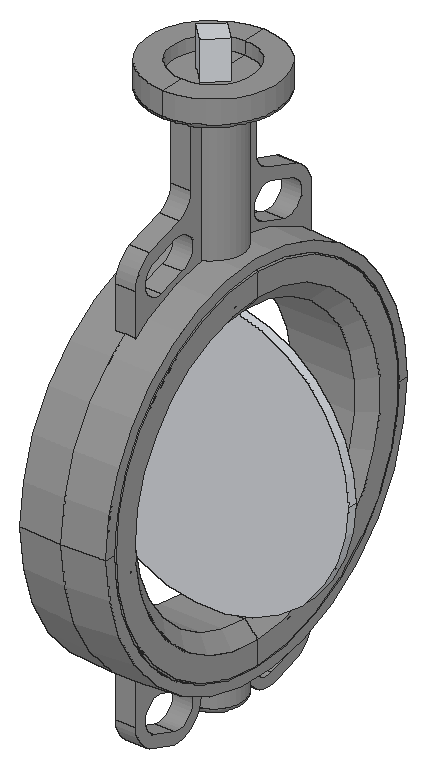
Revit family "HERZ Isolating Butterfly Valves ZF-4219", category Rohrzubehör, Revit 2018
Family settings
  Bemaßung runder Anschluss = Durchmesser verwenden
  Teiletyp = Unterbricht
  Arbeitsebenenbasiert = Nein
  Immer vertikal = Ja
  Beim Laden mit Abzugskörper schneiden = Nein
  Gemeinsam genutzt = Nein
Parameters
  Weight [instance] = size_lookup("4219_ZF", "M", 37.6, Nennweite)  # 16.6
  URL = "www.herzvalves.com"
  Spindle = "stainless steel ASTM-A276 / Type 316"  # constant formula
  Screws PN16 [instance] = if(Nennweite = 50 mm, "4x M16x100", if(Nennweite = 65 mm, "4x M16x100", if(Nennweite = 80 mm, "8x M16x100", if(Nennweite = 100 mm, "8x M16x110", if(Nennweite = 125 mm, "8x M16x120", if(Nennweite = 150 mm, "8x M20x120", if(Nennweite = 200 mm, "12x M20x130", if(Nennweite = 250 mm, "12x M24x140", "12x M24x160"))))))))  # "12x M20x130"
  Screws PN 6 [instance] = if(Nennweite = 50 mm, "4x M12x100", if(Nennweite = 65 mm, "4x M12x100", if(Nennweite = 80 mm, "4x M16x100", if(Nennweite = 100 mm, "4x M16x100", if(Nennweite = 125 mm, "8x M16x110", if(Nennweite = 150 mm, "8x M16x110", if(Nennweite = 200 mm, "--", if(Nennweite = 250 mm, "12x M16x130", "12xM16x140"))))))))  # "--"
  Screws PN10 [instance] = if(Nennweite = 50 mm, "4x M16x100", if(Nennweite = 65 mm, "4x M16x100", if(Nennweite = 80 mm, "4x M16x100", if(Nennweite = 100 mm, "4x M16x110", if(Nennweite = 125 mm, "8x M16x120", if(Nennweite = 150 mm, "8x M20x120", if(Nennweite = 200 mm, "8x M20x130", if(Nennweite = 250 mm, "12x M20x130", "12x M20x150"))))))))  # "8x M20x130"
  SCTWSEQ = "FW;SBT_TYP_FW=\"101\";2"
  SCTWCODE = "04;07;02"  # constant formula
  SCRNSEQ = "ARM;ARM_TYP=\"ALLF\";2"
  SCRNCODE = "05;13;02"  # constant formula
  R_Dichtung = 1.5 mm  # constant formula
  Part number [instance] = size_lookup("4219_ZF", "Artnr", 1421901, Nennweite)  # 1421927
  PN16 [instance] = or(Nennweite = 50 mm, Nennweite = 65 mm, Nennweite = 80 mm, Nennweite = 100 mm, Nennweite = 125 mm, Nennweite = 150 mm, Nennweite = 200 mm, Nennweite = 250 mm, Nennweite = 300 mm)  # yes
  PN10 [instance] = or(Nennweite = 50 mm, Nennweite = 65 mm, Nennweite = 80 mm, Nennweite = 100 mm, Nennweite = 125 mm, Nennweite = 150 mm, Nennweite = 200 mm, Nennweite = 250 mm, Nennweite = 300 mm)  # yes
  PN 6 [instance] = or(Nennweite = 50 mm, Nennweite = 65 mm, Nennweite = 80 mm, Nennweite = 100 mm, Nennweite = 125 mm, Nennweite = 150 mm, Nennweite = 250 mm, Nennweite = 300 mm)  # no
  PN = 16  # constant formula
  O-Ring = "EPDM according to ISO 1691"  # constant formula
  Nennweite [instance] = 200 mm
  Min. operating temperature = "-20.00 °C with appropriate water-glycol mixture"  # constant formula
  Medium = "Heating water quality according ÖNORM H5195 or VDI-Standard 2035. The use of ethylene or propylene glycol in a\nmixing ratio 25- 50% is allowed."
  Max. operating temperature = 110 °C  # constant formula
  LO1 [instance] = R05 + 10 mm  # 141 mm
  L16 [instance] = L01 - L13  # 236 mm
  L15 [instance] = L01 + L12  # 263 mm
  L14 [instance] = size_lookup("4219_ZF", "L_14", 44.4 mm, Nennweite)  # 61.5 mm
  L13 [instance] = size_lookup("4219_ZF", "L_13", 15 mm, Nennweite)  # 9 mm
  L12 [instance] = size_lookup("4219_ZF", "L_12", 15 mm, Nennweite)  # 18 mm
  L11 [instance] = size_lookup("4219_ZF", "L_11", 15 mm, Nennweite)  # 20 mm
  L10 [instance] = size_lookup("4219_ZF", "L_10", 16 mm, Nennweite)  # 16 mm
  L09 [instance] = size_lookup("4219_ZF", "L9", 29 mm, Nennweite)  # 44 mm
  L08 [instance] = size_lookup("4219_ZF", "L8", 43 mm, Nennweite)  # 60 mm
  L07 [instance] = size_lookup("4219_ZF", "L7", 3.5 mm, Nennweite)  # 4.5 mm
  L06 [instance] = size_lookup("4219_ZF", "L6", 18 mm, Nennweite)  # 32 mm
  L05 [instance] = size_lookup("4219_ZF", "L5", 35 mm, Nennweite)  # 50 mm
  L04 [instance] = size_lookup("4219_ZF", "L4", 35 mm, Nennweite)  # 17.5 mm
  L03 [instance] = size_lookup("4219_ZF", "L3", 35 mm, Nennweite)  # 152.5 mm
  L02 [instance] = size_lookup("4219_ZF", "L2", 35 mm, Nennweite)  # 109 mm
  L01 [instance] = size_lookup("4219_ZF", "L1", 35 mm, Nennweite)  # 245 mm
  Hersteller = "HERZ Armaturen Ges.m.b.H."  # constant formula
  H [instance] = size_lookup("4219_ZF", "H1", 9 mm, Nennweite)  # 17 mm
  Flange = "according to EN1092-2"  # constant formula
  Einbaudatum [instance] = ""
  Torque in Nm [instance] = size_lookup("4219_ZF", "NM", 350, Nennweite)  # 150
  Disc = "stainless steel 1.4408"  # constant formula
  DN300 [instance] = Nennweite = 300 mm  # no
  DN250 [instance] = Nennweite = 250 mm  # no
  DN200 [instance] = Nennweite = 200 mm  # yes
  DN150 [instance] = Nennweite = 150 mm  # no
  DN125 [instance] = Nennweite = 125 mm  # no
  DN100 [instance] = Nennweite = 100 mm  # no
  DN 80 [instance] = Nennweite = 80 mm  # no
  DN 65 [instance] = Nennweite = 65 mm  # no
  DN 50 [instance] = Nennweite = 50 mm  # no
  Chargennummer [instance] = ""
  Body sealing = "EPDM according to ISO 1691"  # constant formula
  Body = "GG, GJL-250/JL1040, according to EN1561"  # constant formula
  BD [instance] = size_lookup("4219_ZF", "DB", 24 mm, Nennweite)  # 193.6 mm
  D09 [instance] = size_lookup("4219_ZF", "D9", 24 mm, Nennweite)  # 96.5 mm
  D08 [instance] = size_lookup("4219_ZF", "D8", 47 mm, Nennweite)  # 14 mm
  D07 [instance] = size_lookup("4219_ZF", "D7", 47 mm, Nennweite)  # 27.5 mm
  D06 [instance] = size_lookup("4219_ZF", "D6", 47 mm, Nennweite)  # 44 mm
  R05 [instance] = size_lookup("4219_ZF", "D5", 47 mm, Nennweite)  # 131 mm
  D05 [instance] = R05 * 2  # 262 mm
  D04 [instance] = size_lookup("4219_ZF", "D4", 41 mm, Nennweite)  # 124 mm
  D03 [instance] = size_lookup("4219_ZF", "D3", 35.5 mm, Nennweite)  # 116.5 mm
  R01 [instance] = size_lookup("4219_ZF", "D1", 28 mm, Nennweite)  # 103.5 mm
  R02 [instance] = size_lookup("4219_ZF", "D2", 30 mm, Nennweite)  # 105.5 mm
  Application = "Suitable for fluids in building services, cold water systems, hot water saystems, etc."
Reference planes
  plane 1 "Mitte (Vorne/hinten)": y = 0
  plane 2: z = 0
  plane 3 "Mitte (Links/rechts)": x = 0
Forms (mm)
  Revolve 1, solid, material "Herz-Metall-blau", detail levels fine
    sketch origin (0, 0, 0) x (1, 0, 0) y (0, 1, 0)
      loop
        line (0, 132.724) -> (-30, 131) -> (-30, 124) -> (-22, 124) -> (-22, 116.5) -> (-23.5, 116.5)
        arc (-23.5, 116.5) -> (-24.561, 116.061) -> (-25, 115) r 1.5
        line (-25, 115) -> (-25, 105.824)
        arc (-25, 105.824) -> (-24.729, 104.964) -> (-24.013, 104.415) r 1.5
        line (-24.013, 104.415) -> (-20.5, 103.5) -> (-16, 103.5) -> (-16, 105.5) -> (16, 105.5) -> (16, 103.5) -> (20.5, 103.5) -> (24.013, 104.415)
        arc (24.013, 104.415) -> (24.729, 104.964) -> (25, 105.824) r 1.5
        line (25, 105.824) -> (25, 115)
        arc (25, 115) -> (24.561, 116.061) -> (23.5, 116.5) r 1.5
        line (23.5, 116.5) -> (22, 116.5) -> (22, 124) -> (30, 124) -> (30, 131) -> (0, 132.724)
      axis (30, 0) -> (-30, 0)
    angle from 0 to 360
  Extrusion 2, solid, material "Herz-Metall-blau", visible <- "DN 50", detail levels fine
    sketch origin (0, 0, 0) x (0, 1, 0) y (0, 0, 1)
      loop
        line (20, 54.051) -> (20.008, 111.113) -> (16.897, 110.952)
        arc (16.897, 110.952) -> (15.55, 110.331) -> (15, 108.954) r 2
        line (15, 108.954) -> (15, 44.542)
        arc (15, 44.542) -> (31.465, 34.913) -> (42.748, 19.534) r 47
        arc (42.748, 19.534) -> (42.633, 20.873) -> (43.392, 21.983) r 2
        line (43.392, 21.983) -> (54.714, 30.209)
        arc (54.714, 30.209) -> (56.569, 56.569) -> (30.209, 54.714) r 17.5
        line (30.209, 54.714) -> (27.87, 51.494)
        arc (27.87, 51.494) -> (23.006, 49.914) -> (20, 54.051) r 4.35
      loop
        arc (32.065, 41.998) -> (33.588, 33.588) -> (41.998, 32.065) r 7.5
        line (41.998, 32.065) -> (48.502, 35.17)
        arc (48.502, 35.17) -> (51.265, 51.265) -> (35.17, 48.502) r 10
        line (35.17, 48.502) -> (32.065, 41.998)
      loop
        arc (-20, 54.051) -> (-23.006, 49.914) -> (-27.87, 51.494) r 4.35
        line (-27.87, 51.494) -> (-30.209, 54.714)
        arc (-30.209, 54.714) -> (-56.569, 56.569) -> (-54.714, 30.209) r 17.5
        line (-54.714, 30.209) -> (-43.392, 21.983)
        arc (-43.392, 21.983) -> (-42.633, 20.873) -> (-42.748, 19.534) r 2
        arc (-42.748, 19.534) -> (-31.465, 34.913) -> (-15, 44.542) r 47
        line (-15, 44.542) -> (-15, 108.954)
        arc (-15, 108.954) -> (-15.55, 110.331) -> (-16.897, 110.952) r 2
        line (-16.897, 110.952) -> (-20.008, 111.113) -> (-20, 54.051)
      loop
        line (-32.065, 41.998) -> (-35.17, 48.502)
        arc (-35.17, 48.502) -> (-51.265, 51.265) -> (-48.502, 35.17) r 10
        line (-48.502, 35.17) -> (-41.998, 32.065)
        arc (-41.998, 32.065) -> (-33.588, 33.588) -> (-32.065, 41.998) r 7.5
      loop
        line (32.065, -41.998) -> (35.17, -48.502)
        arc (35.17, -48.502) -> (51.265, -51.265) -> (48.502, -35.17) r 10
        line (48.502, -35.17) -> (41.998, -32.065)
        arc (41.998, -32.065) -> (33.588, -33.588) -> (32.065, -41.998) r 7.5
      loop
        line (54.714, -30.209) -> (43.392, -21.983)
        arc (43.392, -21.983) -> (42.633, -20.873) -> (42.748, -19.534) r 2
        arc (42.748, -19.534) -> (33.234, -33.234) -> (19.534, -42.748) r 47
        arc (19.534, -42.748) -> (20.873, -42.633) -> (21.983, -43.392) r 2
        line (21.983, -43.392) -> (30.209, -54.714)
        arc (30.209, -54.714) -> (56.569, -56.569) -> (54.714, -30.209) r 17.5
      loop
        arc (-32.065, -41.998) -> (-33.588, -33.588) -> (-41.998, -32.065) r 7.5
        line (-41.998, -32.065) -> (-48.502, -35.17)
        arc (-48.502, -35.17) -> (-51.265, -51.265) -> (-35.17, -48.502) r 10
        line (-35.17, -48.502) -> (-32.065, -41.998)
      loop
        arc (-54.714, -30.209) -> (-56.569, -56.569) -> (-30.209, -54.714) r 17.5
        line (-30.209, -54.714) -> (-21.983, -43.392)
        arc (-21.983, -43.392) -> (-20.873, -42.633) -> (-19.534, -42.748) r 2
        arc (-19.534, -42.748) -> (-33.234, -33.234) -> (-42.748, -19.534) r 47
        arc (-42.748, -19.534) -> (-42.633, -20.873) -> (-43.392, -21.983) r 2
        line (-43.392, -21.983) -> (-54.714, -30.209)
    from -4.5 to 4.5
  Extrusion 3, solid, material "Herz-Metall-blau", visible <- "DN 65", detail levels fine
    sketch origin (0, 0, 0) x (0, 1, 0) y (0, 0, 1)
      loop
        arc (51.659, 21.619) -> (51.541, 22.778) -> (52.089, 23.805) r 2
        line (52.089, 23.805) -> (65.407, 37.123)
        arc (65.407, 37.123) -> (65.407, 65.407) -> (37.123, 65.407) r 20
        line (37.123, 65.407) -> (29.414, 57.699)
        arc (29.414, 57.699) -> (27.235, 57.265) -> (26, 59.113) r 2
        line (26, 59.113) -> (26, 136.154) -> (19.897, 135.838)
        arc (19.897, 135.838) -> (18.55, 135.218) -> (18, 133.841) r 2
        line (18, 133.841) -> (18, 53.028)
        arc (18, 53.028) -> (38.206, 40.942) -> (51.659, 21.619) r 56
      loop
        arc (55.637, 42.831) -> (57.983, 57.983) -> (42.831, 55.637) r 9.5
        line (42.831, 55.637) -> (39.647, 48.983)
        arc (39.647, 48.983) -> (41.012, 41.012) -> (48.983, 39.647) r 7
        line (48.983, 39.647) -> (55.637, 42.831)
      loop
        arc (51.659, -21.619) -> (39.598, -39.598) -> (21.619, -51.659) r 56
        arc (21.619, -51.659) -> (22.778, -51.541) -> (23.805, -52.089) r 2
        line (23.805, -52.089) -> (37.123, -65.407)
        arc (37.123, -65.407) -> (65.407, -65.407) -> (65.407, -37.123) r 20
        line (65.407, -37.123) -> (52.089, -23.805)
        arc (52.089, -23.805) -> (51.541, -22.778) -> (51.659, -21.619) r 2
      loop
        line (55.637, -42.831) -> (48.983, -39.647)
        arc (48.983, -39.647) -> (41.012, -41.012) -> (39.647, -48.983) r 7
        line (39.647, -48.983) -> (42.831, -55.637)
        arc (42.831, -55.637) -> (57.983, -57.983) -> (55.637, -42.831) r 9.5
      loop
        arc (-51.659, -21.619) -> (-51.541, -22.778) -> (-52.089, -23.805) r 2
        line (-52.089, -23.805) -> (-65.407, -37.123)
        arc (-65.407, -37.123) -> (-65.407, -65.407) -> (-37.123, -65.407) r 20
        line (-37.123, -65.407) -> (-23.805, -52.089)
        arc (-23.805, -52.089) -> (-22.778, -51.541) -> (-21.619, -51.659) r 2
        arc (-21.619, -51.659) -> (-39.598, -39.598) -> (-51.659, -21.619) r 56
      loop
        arc (-55.637, -42.831) -> (-57.983, -57.983) -> (-42.831, -55.637) r 9.5
        line (-42.831, -55.637) -> (-39.647, -48.983)
        arc (-39.647, -48.983) -> (-41.012, -41.012) -> (-48.983, -39.647) r 7
        line (-48.983, -39.647) -> (-55.637, -42.831)
      loop
        arc (-51.659, 21.619) -> (-38.206, 40.942) -> (-18, 53.028) r 56
        line (-18, 53.028) -> (-18, 133.838)
        arc (-18, 133.838) -> (-18.55, 135.215) -> (-19.897, 135.835) r 2
        line (-19.897, 135.835) -> (-26, 136.151) -> (-26, 59.113)
        arc (-26, 59.113) -> (-27.235, 57.265) -> (-29.414, 57.699) r 2
        line (-29.414, 57.699) -> (-37.123, 65.407)
        arc (-37.123, 65.407) -> (-65.407, 65.407) -> (-65.407, 37.123) r 20
        line (-65.407, 37.123) -> (-52.089, 23.805)
        arc (-52.089, 23.805) -> (-51.541, 22.778) -> (-51.659, 21.619) r 2
      loop
        line (-55.637, 42.831) -> (-48.983, 39.647)
        arc (-48.983, 39.647) -> (-41.012, 41.012) -> (-39.647, 48.983) r 7
        line (-39.647, 48.983) -> (-42.831, 55.637)
        arc (-42.831, 55.637) -> (-57.983, 57.983) -> (-55.637, 42.831) r 9.5
    from -4.5 to 4.5
  Extrusion 4, solid, material "Herz-Metall-blau", visible <- "DN 80", detail levels fine
    sketch origin (0, 0, 0) x (0, 1, 0) y (0, 0, 1)
      loop
        line (26, 143.161) -> (20.397, 142.871)
        arc (20.397, 142.871) -> (19.05, 142.251) -> (18.5, 140.874) r 2
        line (18.5, 140.874) -> (18.5, 62.833)
        arc (18.5, 62.833) -> (41.296, 50.842) -> (57.706, 30.989) r 65.5
        arc (57.706, 30.989) -> (57.482, 32.176) -> (57.983, 33.275) r 2
        line (57.983, 33.275) -> (67.23, 43.52)
        arc (67.23, 43.52) -> (70.328, 54.798) -> (65.407, 65.407) r 17
        line (65.407, 65.407) -> (42.005, 86.53)
        arc (42.005, 86.53) -> (37.832, 89.302) -> (33.031, 90.738) r 17
        arc (33.031, 90.738) -> (27.974, 93.895) -> (26, 99.52) r 9
        line (26, 99.52) -> (26, 143.161)
      loop
        circle (30.615, 73.91) r 9.5
      loop
        circle (53.387, 53.387) r 9.5
      loop
        arc (57.706, -30.989) -> (41.296, -50.842) -> (18.5, -62.833) r 65.5
        line (18.5, -62.833) -> (18.5, -85.837)
        arc (18.5, -85.837) -> (30.113, -90.903) -> (42.005, -86.53) r 17
        line (42.005, -86.53) -> (65.407, -65.407)
        arc (65.407, -65.407) -> (70.328, -54.798) -> (67.23, -43.52) r 17
        line (67.23, -43.52) -> (57.983, -33.275)
        arc (57.983, -33.275) -> (57.482, -32.176) -> (57.706, -30.989) r 2
      loop
        circle (30.615, -73.91) r 9.5
      loop
        circle (53.387, -53.387) r 9.5
      loop
        arc (-57.706, -30.989) -> (-57.482, -32.176) -> (-57.983, -33.275) r 2
        line (-57.983, -33.275) -> (-67.23, -43.52)
        arc (-67.23, -43.52) -> (-70.328, -54.798) -> (-65.407, -65.407) r 17
        line (-65.407, -65.407) -> (-42.005, -86.53)
        arc (-42.005, -86.53) -> (-30.113, -90.903) -> (-18.5, -85.837) r 17
        line (-18.5, -85.837) -> (-18.5, -62.833)
        arc (-18.5, -62.833) -> (-41.296, -50.842) -> (-57.706, -30.989) r 65.5
      loop
        circle (-30.615, -73.91) r 9.5
      loop
        circle (-53.387, -53.387) r 9.5
      loop
        line (-26, 143.179) -> (-26, 99.52)
        arc (-26, 99.52) -> (-27.974, 93.895) -> (-33.031, 90.738) r 9
        arc (-33.031, 90.738) -> (-37.832, 89.302) -> (-42.005, 86.53) r 17
        line (-42.005, 86.53) -> (-65.407, 65.407)
        arc (-65.407, 65.407) -> (-70.328, 54.798) -> (-67.23, 43.52) r 17
        line (-67.23, 43.52) -> (-57.983, 33.275)
        arc (-57.983, 33.275) -> (-57.482, 32.176) -> (-57.706, 30.989) r 2
        arc (-57.706, 30.989) -> (-41.296, 50.842) -> (-18.5, 62.833) r 65.5
        line (-18.5, 62.833) -> (-18.5, 140.891)
        arc (-18.5, 140.891) -> (-19.05, 142.268) -> (-20.397, 142.888) r 2
        line (-20.397, 142.888) -> (-26, 143.179)
      loop
        circle (-30.615, 73.91) r 9.5
      loop
        circle (-53.387, 53.387) r 9.5
    from -4.5 to 4.5
  Extrusion 5, solid, material "Herz-Metall-blau", visible <- "DN100", detail levels fine
    sketch origin (0, 0, 0) x (0, 1, 0) y (0, 0, 1)
      loop
        line (64.131, 38.887) -> (73.681, 49.873)
        arc (73.681, 49.873) -> (77.063, 61.29) -> (72.125, 72.125) r 17
        line (72.125, 72.125) -> (45.809, 95.79)
        arc (45.809, 95.79) -> (41.366, 98.675) -> (36.25, 100.053) r 17
        arc (36.25, 100.053) -> (28.882, 104.596) -> (26, 112.759) r 13
        line (26, 112.759) -> (26, 166.173) -> (20.397, 165.883)
        arc (20.397, 165.883) -> (19.05, 165.263) -> (18.5, 163.886) r 2
        line (18.5, 163.886) -> (18.5, 72.683)
        arc (18.5, 72.683) -> (44.637, 60.27) -> (64.131, 38.887) r 75
      loop
        circle (60.104, 60.104) r 9.5
      loop
        circle (34.442, 83.149) r 9.5
      loop
        arc (64.131, -38.887) -> (44.637, -60.27) -> (18.5, -72.683) r 75
        line (18.5, -72.683) -> (18.5, -95.329)
        arc (18.5, -95.329) -> (21.473, -95.603) -> (24.233, -96.743) r 10
        arc (24.233, -96.743) -> (35.191, -100.133) -> (45.809, -95.79) r 17
        line (45.809, -95.79) -> (72.125, -72.125)
        arc (72.125, -72.125) -> (77.063, -61.29) -> (73.681, -49.873) r 17
        line (73.681, -49.873) -> (64.131, -38.887)
      loop
        circle (60.104, -60.104) r 9.5
      loop
        circle (34.442, -83.149) r 9.5
      loop
        line (-64.131, -38.887) -> (-73.681, -49.873)
        arc (-73.681, -49.873) -> (-77.063, -61.29) -> (-72.125, -72.125) r 17
        line (-72.125, -72.125) -> (-45.809, -95.79)
        arc (-45.809, -95.79) -> (-35.191, -100.133) -> (-24.233, -96.743) r 17
        arc (-24.233, -96.743) -> (-21.473, -95.603) -> (-18.5, -95.329) r 10
        line (-18.5, -95.329) -> (-18.5, -72.683)
        arc (-18.5, -72.683) -> (-44.637, -60.27) -> (-64.131, -38.887) r 75
      loop
        circle (-60.104, -60.104) r 9.5
      loop
        circle (-34.442, -83.149) r 9.5
      loop
        arc (-64.131, 38.887) -> (-44.637, 60.27) -> (-18.5, 72.683) r 75
        line (-18.5, 72.683) -> (-18.5, 163.876)
        arc (-18.5, 163.876) -> (-19.05, 165.253) -> (-20.397, 165.873) r 2
        line (-20.397, 165.873) -> (-26, 166.164) -> (-26, 112.759)
        arc (-26, 112.759) -> (-28.882, 104.596) -> (-36.25, 100.053) r 13
        arc (-36.25, 100.053) -> (-41.366, 98.675) -> (-45.809, 95.79) r 17
        line (-45.809, 95.79) -> (-72.125, 72.125)
        arc (-72.125, 72.125) -> (-77.063, 61.29) -> (-73.681, 49.873) r 17
        line (-73.681, 49.873) -> (-64.131, 38.887)
      loop
        circle (-60.104, 60.104) r 9.5
      loop
        circle (-34.442, 83.149) r 9.5
    from -4.5 to 4.5
  Extrusion 6, solid, material "Herz-Metall-blau", visible <- "DN125", detail levels fine
    sketch origin (0, 0, 0) x (0, 1, 0) y (0, 0, 1)
      loop
        arc (75.229, 48.945) -> (74.917, 50.244) -> (75.492, 51.45) r 2
        line (75.492, 51.45) -> (82.731, 58.69)
        arc (82.731, 58.69) -> (87.711, 70.711) -> (82.731, 82.731) r 17
        line (82.731, 82.731) -> (51.291, 109.875)
        arc (51.291, 109.875) -> (46.108, 112.941) -> (40.182, 114.007) r 17
        line (40.182, 114.007) -> (38, 114.007)
        arc (38, 114.007) -> (29.515, 117.522) -> (26, 126.007) r 12
        line (26, 126.007) -> (26, 185.157) -> (20.397, 184.867)
        arc (20.397, 184.867) -> (19.05, 184.246) -> (18.5, 182.869) r 2
        line (18.5, 182.869) -> (18.5, 87.823)
        arc (18.5, 87.823) -> (50.736, 74.033) -> (75.229, 48.945) r 89.75
      loop
        circle (40.182, 97.007) r 9.5
      loop
        circle (70.711, 70.711) r 9.5
      loop
        arc (75.229, -48.945) -> (50.736, -74.033) -> (18.5, -87.823) r 89.75
        line (18.5, -87.823) -> (18.5, -108.431)
        arc (18.5, -108.431) -> (24.248, -107.655) -> (29.46, -110.2) r 10
        arc (29.46, -110.2) -> (40.434, -114.005) -> (51.291, -109.875) r 17
        line (51.291, -109.875) -> (82.731, -82.731)
        arc (82.731, -82.731) -> (87.711, -70.711) -> (82.731, -58.69) r 17
        line (82.731, -58.69) -> (75.492, -51.45)
        arc (75.492, -51.45) -> (74.917, -50.244) -> (75.229, -48.945) r 2
      loop
        circle (40.182, -97.007) r 9.5
      loop
        circle (70.711, -70.711) r 9.5
      loop
        arc (-75.229, -48.945) -> (-74.917, -50.244) -> (-75.492, -51.45) r 2
        line (-75.492, -51.45) -> (-82.731, -58.69)
        arc (-82.731, -58.69) -> (-87.711, -70.711) -> (-82.731, -82.731) r 17
        line (-82.731, -82.731) -> (-51.291, -109.875)
        arc (-51.291, -109.875) -> (-40.434, -114.005) -> (-29.46, -110.2) r 17
        arc (-29.46, -110.2) -> (-24.248, -107.655) -> (-18.5, -108.431) r 10
        line (-18.5, -108.431) -> (-18.5, -87.823)
        arc (-18.5, -87.823) -> (-50.736, -74.033) -> (-75.229, -48.945) r 89.75
      loop
        circle (-40.182, -97.007) r 9.5
      loop
        circle (-70.711, -70.711) r 9.5
      loop
        arc (-75.229, 48.945) -> (-50.736, 74.033) -> (-18.5, 87.823) r 89.75
        line (-18.5, 87.823) -> (-18.5, 182.852)
        arc (-18.5, 182.852) -> (-19.05, 184.23) -> (-20.397, 184.85) r 2
        line (-20.397, 184.85) -> (-26, 185.14) -> (-26, 126.007)
        arc (-26, 126.007) -> (-29.515, 117.522) -> (-38, 114.007) r 12
        line (-38, 114.007) -> (-40.182, 114.007)
        arc (-40.182, 114.007) -> (-46.108, 112.941) -> (-51.291, 109.875) r 17
        line (-51.291, 109.875) -> (-82.731, 82.731)
        arc (-82.731, 82.731) -> (-87.711, 70.711) -> (-82.731, 58.69) r 17
        line (-82.731, 58.69) -> (-75.492, 51.45)
        arc (-75.492, 51.45) -> (-74.917, 50.244) -> (-75.229, 48.945) r 2
      loop
        circle (-40.182, 97.007) r 9.5
      loop
        circle (-70.711, 70.711) r 9.5
    from -6 to 6
  Extrusion 7, solid, material "Herz-Metall-blau", visible <- "DN150", detail levels fine
    sketch origin (0, 0, 0) x (0, 1, 0) y (0, 0, 1)
      loop
        line (83.495, 59.454) -> (91.57, 67.529)
        arc (91.57, 67.529) -> (96.55, 79.55) -> (91.57, 91.57) r 17
        line (91.57, 91.57) -> (57.511, 123.304)
        arc (57.511, 123.304) -> (45.758, 127.865) -> (34.095, 123.077) r 17
        arc (34.095, 123.077) -> (28.976, 122.416) -> (26, 126.633) r 5
        line (26, 126.633) -> (26, 198.177) -> (20.397, 197.887)
        arc (20.397, 197.887) -> (19.05, 197.267) -> (18.5, 195.889) r 2
        line (18.5, 195.889) -> (18.5, 100.817)
        arc (18.5, 100.817) -> (55.032, 86.474) -> (83.495, 59.454) r 102.5
      loop
        circle (45.922, 110.866) r 11.5
      loop
        circle (79.55, 79.55) r 9.5
      loop
        circle (45.922, -110.866) r 11.5
      loop
        circle (79.55, -79.55) r 9.5
      loop
        line (91.57, -67.529) -> (83.495, -59.454)
        arc (83.495, -59.454) -> (55.032, -86.474) -> (18.5, -100.817) r 102.5
        line (18.5, -100.817) -> (18.5, -123.208)
        arc (18.5, -123.208) -> (19.363, -121.755) -> (21.03, -121.482) r 2
        line (21.03, -121.482) -> (42.642, -127.546)
        arc (42.642, -127.546) -> (50.587, -127.213) -> (57.511, -123.304) r 17
        line (57.511, -123.304) -> (91.57, -91.57)
        arc (91.57, -91.57) -> (96.55, -79.55) -> (91.57, -67.529) r 17
      loop
        arc (-83.495, 59.454) -> (-55.032, 86.474) -> (-18.5, 100.817) r 102.5
        line (-18.5, 100.817) -> (-18.5, 195.875)
        arc (-18.5, 195.875) -> (-19.05, 197.252) -> (-20.397, 197.872) r 2
        line (-20.397, 197.872) -> (-26, 198.163) -> (-26, 126.633)
        arc (-26, 126.633) -> (-28.976, 122.416) -> (-34.095, 123.077) r 5
        arc (-34.095, 123.077) -> (-45.758, 127.865) -> (-57.511, 123.304) r 17
        line (-57.511, 123.304) -> (-91.57, 91.57)
        arc (-91.57, 91.57) -> (-96.55, 79.55) -> (-91.57, 67.529) r 17
        line (-91.57, 67.529) -> (-83.495, 59.454)
      loop
        circle (-45.922, 110.866) r 11.5
      loop
        circle (-79.55, 79.55) r 9.5
      loop
        circle (-45.922, -110.866) r 11.5
      loop
        circle (-79.55, -79.55) r 9.5
      loop
        arc (-91.57, -67.529) -> (-96.55, -79.55) -> (-91.57, -91.57) r 17
        line (-91.57, -91.57) -> (-57.511, -123.304)
        arc (-57.511, -123.304) -> (-50.587, -127.213) -> (-42.642, -127.546) r 17
        line (-42.642, -127.546) -> (-21.03, -121.482)
        arc (-21.03, -121.482) -> (-19.363, -121.755) -> (-18.5, -123.208) r 2
        line (-18.5, -123.208) -> (-18.5, -100.817)
        arc (-18.5, -100.817) -> (-55.032, -86.474) -> (-83.495, -59.454) r 102.5
        line (-83.495, -59.454) -> (-91.57, -67.529)
    from -7 to 7
  Extrusion 8, solid, material "Herz-Metall-blau", visible <- "DN200", detail levels fine
    sketch origin (0, 0, 0) x (0, 1, 0) y (0, 0, 1)
      loop
        arc (42.048, 153.832) -> (26.654, 145.827) -> (35.349, 130.812) r 12
        line (35.349, 130.812) -> (53.31, 124.689)
        arc (53.31, 124.689) -> (67.804, 132.4) -> (61.038, 147.359) r 12
        line (61.038, 147.359) -> (42.048, 153.832)
      loop
        line (28, 226.273) -> (22.065, 226.047)
        arc (22.065, 226.047) -> (20.655, 225.469) -> (20, 224.092) r 2.114
        line (20, 224.092) -> (20, 129.471)
        arc (20, 129.471) -> (49.604, 121.273) -> (76.485, 106.406) r 130.989
        line (76.485, 106.406) -> (76.485, 136.265)
        arc (76.485, 136.265) -> (73.108, 147.391) -> (64.117, 154.764) r 20.019
        line (64.117, 154.764) -> (38.16, 163.592)
        arc (38.16, 163.592) -> (30.802, 169.06) -> (28, 177.79) r 15
        line (28, 177.79) -> (28, 226.273)
      loop
        line (42.048, -153.832) -> (61.038, -147.359)
        arc (61.038, -147.359) -> (67.804, -132.4) -> (53.31, -124.689) r 12
        line (53.31, -124.689) -> (35.349, -130.812)
        arc (35.349, -130.812) -> (26.654, -145.827) -> (42.048, -153.832) r 12
      loop
        arc (76.446, -106.382) -> (49.585, -121.253) -> (20, -129.464) r 131
        line (20, -129.464) -> (20, -141.835)
        arc (20, -141.835) -> (28.361, -158.099) -> (46.453, -160.765) r 20
        line (46.453, -160.765) -> (64.099, -154.75)
        arc (64.099, -154.75) -> (73.075, -147.384) -> (76.446, -136.272) r 20
        line (76.446, -136.272) -> (76.446, -106.382)
      loop
        arc (-42.048, -153.832) -> (-26.654, -145.827) -> (-35.349, -130.812) r 12
        line (-35.349, -130.812) -> (-53.31, -124.689)
        arc (-53.31, -124.689) -> (-67.804, -132.4) -> (-61.038, -147.359) r 12
        line (-61.038, -147.359) -> (-42.048, -153.832)
      loop
        line (-76.446, -106.382) -> (-76.446, -136.272)
        arc (-76.446, -136.272) -> (-73.075, -147.384) -> (-64.099, -154.75) r 20
        line (-64.099, -154.75) -> (-46.453, -160.765)
        arc (-46.453, -160.765) -> (-28.361, -158.099) -> (-20, -141.835) r 20
        line (-20, -141.835) -> (-20, -129.464)
        arc (-20, -129.464) -> (-49.585, -121.253) -> (-76.446, -106.382) r 131
      loop
        line (-42.048, 153.832) -> (-61.038, 147.359)
        arc (-61.038, 147.359) -> (-67.804, 132.4) -> (-53.31, 124.689) r 12
        line (-53.31, 124.689) -> (-35.349, 130.812)
        arc (-35.349, 130.812) -> (-26.654, 145.827) -> (-42.048, 153.832) r 12
      loop
        line (-28, 226.278) -> (-28, 177.79)
        arc (-28, 177.79) -> (-30.802, 169.06) -> (-38.16, 163.592) r 15
        line (-38.16, 163.592) -> (-64.117, 154.764)
        arc (-64.117, 154.764) -> (-73.108, 147.391) -> (-76.485, 136.265) r 20.019
        line (-76.485, 136.265) -> (-76.485, 106.406)
        arc (-76.485, 106.406) -> (-49.604, 121.273) -> (-20, 129.471) r 130.989
        line (-20, 129.471) -> (-20, 224.098)
        arc (-20, 224.098) -> (-20.655, 225.475) -> (-22.065, 226.053) r 2.114
        line (-22.065, 226.053) -> (-28, 226.278)
    from -7 to 7
  Extrusion 9, solid, material "Herz-Metall-blau", visible <- "DN250", detail levels fine
    sketch origin (0, 0, 0) x (0, 1, 0) y (0, 0, 1)
      loop
        arc (-95.9, 125.382) -> (-61.406, 145.382) -> (-23, 156.095) r 157.75
        line (-23, 156.095) -> (-23, 258.814)
        arc (-23, 258.814) -> (-23.588, 260.113) -> (-24.893, 260.69) r 2
        line (-24.893, 260.69) -> (-32, 261.058) -> (-32, 187.712)
        arc (-32, 187.712) -> (-33.507, 185.205) -> (-36.428, 185.359) r 2.84
        arc (-36.428, 185.359) -> (-43.951, 188.152) -> (-51.918, 187.184) r 17
        line (-51.918, 187.184) -> (-97.072, 155.872)
        arc (-97.072, 155.872) -> (-100.207, 149.167) -> (-100.195, 141.765) r 17
        line (-100.195, 141.765) -> (-95.9, 125.382)
      loop
        circle (-83.608, 145.492) r 9.5
      loop
        circle (-45.549, 171.269) r 14
      loop
        arc (96.192, -125.349) -> (61.575, -145.51) -> (23, -156.317) r 157.999
        line (23, -156.317) -> (23, -181.388) -> (27.217, -181.388)
        arc (27.217, -181.388) -> (30.142, -181.826) -> (32.812, -183.1) r 10
        line (32.812, -183.1) -> (36.428, -185.542)
        arc (36.428, -185.542) -> (44.468, -188.388) -> (52.878, -186.972) r 17
        line (52.878, -186.972) -> (97.463, -155.872)
        arc (97.463, -155.872) -> (100.598, -149.167) -> (100.586, -141.765) r 17
        line (100.586, -141.765) -> (96.192, -125.349)
      loop
        circle (84, -145.492) r 9.5
      loop
        circle (45.94, -171.452) r 14
      loop
        line (-96.192, -125.349) -> (-100.586, -141.765)
        arc (-100.586, -141.765) -> (-100.598, -149.167) -> (-97.463, -155.872) r 17
        line (-97.463, -155.872) -> (-52.878, -186.972)
        arc (-52.878, -186.972) -> (-44.468, -188.388) -> (-36.428, -185.542) r 17
        line (-36.428, -185.542) -> (-32.812, -183.1)
        arc (-32.812, -183.1) -> (-30.142, -181.826) -> (-27.217, -181.388) r 10
        line (-27.217, -181.388) -> (-23, -181.388) -> (-23, -156.317)
        arc (-23, -156.317) -> (-61.575, -145.51) -> (-96.192, -125.349) r 157.999
      loop
        circle (-84, -145.492) r 9.5
      loop
        circle (-45.94, -171.452) r 14
      loop
        line (95.9, 125.2) -> (100.195, 141.582)
        arc (100.195, 141.582) -> (100.207, 148.984) -> (97.072, 155.689) r 17
        line (97.072, 155.689) -> (51.919, 187.036)
        arc (51.919, 187.036) -> (43.952, 188.006) -> (36.428, 185.212) r 17
        arc (36.428, 185.212) -> (33.507, 185.058) -> (32, 187.566) r 2.84
        line (32, 187.566) -> (32, 261.045) -> (24.893, 260.677)
        arc (24.893, 260.677) -> (23.588, 260.1) -> (23, 258.801) r 2
        line (23, 258.801) -> (23, 155.948)
        arc (23, 155.948) -> (61.411, 145.223) -> (95.9, 125.2) r 157.605
      loop
        circle (83.608, 145.31) r 9.5
      loop
        circle (45.549, 171.122) r 14
    from -9 to 9
  Extrusion 10, solid, material "Herz-Metall-blau", visible <- "DN300", detail levels fine
    sketch origin (0, 0, 0) x (0, 1, 0) y (0, 0, 1)
      loop
        arc (62.57, 187.834) -> (56.268, 211.23) -> (39.112, 194.12) r 14
        line (39.112, 194.12) -> (40.223, 189.928)
        arc (40.223, 189.928) -> (48.374, 181.769) -> (59.504, 184.767) r 11.5
        line (59.504, 184.767) -> (62.57, 187.834)
      loop
        circle (98.337, 170.892) r 12
      loop
        arc (113.094, 162.454) -> (114.748, 175.326) -> (106.837, 185.615) r 17
        line (106.837, 185.615) -> (61.701, 211.919)
        arc (61.701, 211.919) -> (54.44, 214.463) -> (46.806, 213.516) r 16.852
        arc (46.806, 213.516) -> (36.904, 213.681) -> (32, 222.285) r 10
        line (32, 222.285) -> (32, 286.38) -> (24.895, 286.033)
        arc (24.895, 286.033) -> (23.576, 285.442) -> (23, 284.117) r 2
        line (23, 284.117) -> (23, 181.202)
        arc (23, 181.202) -> (65.613, 170.505) -> (104.437, 149.94) r 182.63
        line (104.437, 149.94) -> (113.094, 162.454)
      loop
        line (62.984, -188.142) -> (59.917, -185.075)
        arc (59.917, -185.075) -> (48.787, -182.077) -> (40.637, -190.235) r 11.5
        line (40.637, -190.235) -> (39.525, -194.427)
        arc (39.525, -194.427) -> (56.681, -211.538) -> (62.984, -188.142) r 14
      loop
        circle (98.75, -171.04) r 12
      loop
        line (113.508, -162.601) -> (104.75, -150.055)
        arc (104.75, -150.055) -> (65.787, -170.766) -> (23, -181.549) r 183
        line (23, -181.549) -> (23, -206.327)
        arc (23, -206.327) -> (24.157, -204.218) -> (26.558, -204.062) r 2.5
        line (26.558, -204.062) -> (45.918, -213.443)
        arc (45.918, -213.443) -> (53.906, -214.994) -> (61.701, -212.654) r 17
        line (61.701, -212.654) -> (107.25, -185.762)
        arc (107.25, -185.762) -> (115.162, -175.474) -> (113.508, -162.601) r 17
      loop
        arc (-62.984, -188.142) -> (-56.681, -211.538) -> (-39.525, -194.427) r 14
        line (-39.525, -194.427) -> (-40.637, -190.235)
        arc (-40.637, -190.235) -> (-48.787, -182.077) -> (-59.917, -185.075) r 11.5
        line (-59.917, -185.075) -> (-62.984, -188.142)
      loop
        circle (-98.75, -171.04) r 12
      loop
        arc (-113.508, -162.601) -> (-115.162, -175.474) -> (-107.25, -185.762) r 17
        line (-107.25, -185.762) -> (-61.701, -212.654)
        arc (-61.701, -212.654) -> (-53.906, -214.994) -> (-45.918, -213.443) r 17
        line (-45.918, -213.443) -> (-26.558, -204.062)
        arc (-26.558, -204.062) -> (-24.157, -204.218) -> (-23, -206.327) r 2.5
        line (-23, -206.327) -> (-23, -181.549)
        arc (-23, -181.549) -> (-65.787, -170.766) -> (-104.75, -150.055) r 183
        line (-104.75, -150.055) -> (-113.508, -162.601)
      loop
        line (-62.574, 188.142) -> (-59.508, 185.075)
        arc (-59.508, 185.075) -> (-48.378, 182.077) -> (-40.227, 190.235) r 11.5
        line (-40.227, 190.235) -> (-39.116, 194.427)
        arc (-39.116, 194.427) -> (-56.272, 211.538) -> (-62.574, 188.142) r 14
      loop
        circle (-98.34, 171.04) r 12
      loop
        line (-113.098, 162.601) -> (-104.44, 150.087)
        arc (-104.44, 150.087) -> (-65.611, 170.637) -> (-23, 181.326) r 182.753
        line (-23, 181.326) -> (-23, 284.115)
        arc (-23, 284.115) -> (-23.577, 285.441) -> (-24.896, 286.032) r 2
        line (-24.896, 286.032) -> (-32, 286.379) -> (-32, 222.593)
        arc (-32, 222.593) -> (-37.217, 213.811) -> (-47.425, 214.193) r 10
        arc (-47.425, 214.193) -> (-54.523, 214.911) -> (-61.291, 212.654) r 17
        line (-61.291, 212.654) -> (-106.84, 185.762)
        arc (-106.84, 185.762) -> (-114.752, 175.474) -> (-113.098, 162.601) r 17
    from -9 to 9
  Revolve 11, solid, material "Herz-Metall-blau"
    sketch origin (0, 0, 0) x (0, 1, 0) y (0, 0, 1)
      loop
        line (0, -131) -> (0, -152.5) -> (17, -152.5)
        arc (17, -152.5) -> (19.121, -151.621) -> (20, -149.5) r 3
        line (20, -149.5) -> (20, -129.464)
        arc (20, -129.464) -> (10.029, -130.616) -> (0, -131) r 131
      axis (0, -129.464) -> (0, -152.5)
    angle from 0 to 360
  Revolve 12, solid, material "Herz-Metall-blau"
    sketch origin (0, 0, 0) x (0, 1, 0) y (0, 0, 1)
      loop
        line (0, 236) -> (0, 131)
        arc (0, 131) -> (10.029, 130.616) -> (20, 129.464) r 131
        line (20, 129.464) -> (20, 223.944)
        arc (20, 223.944) -> (20.549, 225.32) -> (21.895, 225.941) r 2
        line (21.895, 225.941) -> (42.105, 227)
        arc (42.105, 227) -> (43.451, 227.621) -> (44, 228.997) r 2
        line (44, 228.997) -> (44, 245) -> (27.5, 245) -> (27.5, 236) -> (0, 236)
      axis (0, 245) -> (0, 129.464)
    angle from 0 to 360
  Revolve 13, solid, material "Gummi"
    sketch origin (0, 0, 0) x (1, 0, 0) y (0, 0, 1)
      loop
        arc (-29.258, 124) -> (-30.313, 123.563) -> (-30.75, 122.508) r 1.492
        line (-30.75, 122.508) -> (-30.75, 105.718) -> (-22, 96.5) -> (22, 96.5) -> (30.75, 106.945) -> (30.75, 123)
        arc (30.75, 123) -> (30.457, 123.707) -> (29.75, 124) r 1
        line (29.75, 124) -> (22, 124) -> (22, 116.5) -> (23.5, 116.5)
        arc (23.5, 116.5) -> (24.561, 116.061) -> (25, 115) r 1.5
        line (25, 115) -> (25, 105.988)
        arc (25, 105.988) -> (24.622, 104.993) -> (23.68, 104.499) r 1.5
        line (23.68, 104.499) -> (20.5, 103.5) -> (16.527, 103.5) -> (16.527, 105.5) -> (-15.473, 105.5) -> (-15.473, 103.5) -> (-20.5, 103.5) -> (-23.68, 104.499)
        arc (-23.68, 104.499) -> (-24.622, 104.993) -> (-25, 105.988) r 1.5
        line (-25, 105.988) -> (-25, 115)
        arc (-25, 115) -> (-24.561, 116.061) -> (-23.5, 116.5) r 1.5
        line (-23.5, 116.5) -> (-22, 116.5) -> (-22, 124) -> (-29.258, 124)
      axis (-30.75, 0) -> (30.75, 0)
    angle from 0 to 360
  Extrusion 14, solid, detail levels fine
    sketch origin (0, 0, 0) x (1, 0, 0) y (0, 0, 1)
      loop
        circle (0, 0) r 96.8
    from -3 to 3
  Extrusion 15, solid, detail levels fine
    sketch origin (0, 0, 0) x (1, 0, 0) y (0, 1, 0)
      loop
        line (0, 12.021) -> (-12.021, 0) -> (0, -12.021) -> (12.021, 0) -> (0, 12.021)
    from 236 <- "L16" to 263 <- "L15"
Lines and regions (mm)
  model lines, detail levels coarse+medium
    curve 1: line (-30, 131, 0) -> (30, 131, 0)
    curve 2: line (-30, -131, 0) -> (-30, 131, 0)
    curve 3: line (30, -131, 0) -> (-30, -131, 0)
    curve 4: line (30, 131, 0) -> (30, -131, 0)
    curve 5: line (-30, 131, 0) -> (30, -131, 0)
    curve 6: circle (0, 0, 0) r 5 normal (0, 0, 1)
    curve 7: line (-30, 0, 131) -> (30, 0, 131)
    curve 8: line (-30, 0, -131) -> (-30, 0, 131)
    curve 9: line (30, 0, -131) -> (-30, 0, -131)
    curve 10: line (30, 0, 131) -> (30, 0, -131)
    curve 11: line (-30, 0, 131) -> (30, 0, -131)
    curve 12: circle (0, 0, 0) r 7 normal (0, -1, 0)
Dimensions and locks
  "L08": Revolve 1 sketch curve to Revolve 1 sketch curve
  equal spacing: Revolve 1 sketch curve, plane 3 "Mitte (Links/rechts)", Revolve 1 sketch curve  (x4)
  "L07": Revolve 1 sketch curve to Revolve 1 sketch curve  (x2)
  "L06": Revolve 1 sketch curve to Revolve 1 sketch curve
  "L05": Revolve 1 sketch curve to Revolve 1 sketch curve
  "L09": Revolve 1 sketch curve to Revolve 1 sketch curve
  "R05": plane 1 "Mitte (Vorne/hinten)" to Revolve 1 sketch curve  (x2)
  "D04": plane 1 "Mitte (Vorne/hinten)" to Revolve 1 sketch curve  (x2)
  "D03": plane 1 "Mitte (Vorne/hinten)" to Revolve 1 sketch curve  (x2)
  "R01": plane 1 "Mitte (Vorne/hinten)" to Revolve 1 sketch curve  (x2)
  "R02": plane 1 "Mitte (Vorne/hinten)" to Revolve 1 sketch curve
  equal spacing: curve 2, plane 3 "Mitte (Links/rechts)", curve 4
  equal spacing: curve 3, plane 1 "Mitte (Vorne/hinten)", curve 1
  "L08": curve 2 to curve 4
  "D05": curve 3 to curve 1
  equal spacing: curve 10, plane 3 "Mitte (Links/rechts)", curve 8
  equal spacing: curve 7, level, curve 9
  "D05": curve 7 to curve 9
  "L08": curve 8 to curve 10
  "L11": Revolve 11 sketch curve to plane 1 "Mitte (Vorne/hinten)"
  "L03": level to Revolve 11 sketch curve
  "R05": level to Revolve 11 sketch curve
  "R05": Revolve 12 sketch curve to curve 2
  "L11": Revolve 12 sketch curve to plane 1 "Mitte (Vorne/hinten)"
  "L01": Revolve 12 sketch curve to level
  "L12": Revolve 12 sketch curve to Revolve 12 sketch curve
  "L13": Revolve 12 sketch curve to Revolve 12 sketch curve
  "D07": Revolve 12 sketch curve to Revolve 12 sketch curve
  "D06": Revolve 12 sketch curve to Revolve 12 sketch curve
  Extrusion 10 sketch curve to plane 1 "Mitte (Vorne/hinten)" to Extrusion 10 sketch curve = 23 mm, 23 mm
  equal spacing: Extrusion 10 sketch curve, plane 1 "Mitte (Vorne/hinten)", Extrusion 10 sketch curve
  Extrusion 10 sketch curve to Extrusion 10 sketch curve = 64 mm
  Extrusion 9 sketch curve to plane 1 "Mitte (Vorne/hinten)" to Extrusion 9 sketch curve = 23 mm, 23 mm
  Extrusion 9 sketch curve to plane 1 "Mitte (Vorne/hinten)" to Extrusion 9 sketch curve = 32 mm, 32 mm
  Extrusion 8 sketch curve to Extrusion 8 sketch curve = 56 mm
  equal spacing: Extrusion 8 sketch curve, plane 1 "Mitte (Vorne/hinten)", Extrusion 8 sketch curve
  Extrusion 8 sketch curve to plane 1 "Mitte (Vorne/hinten)" to Extrusion 8 sketch curve = 20 mm, 20 mm
  equal spacing: Extrusion 7 sketch curve, plane 1 "Mitte (Vorne/hinten)", Extrusion 7 sketch curve
  Extrusion 7 sketch curve to Extrusion 7 sketch curve = 52 mm
  equal spacing: Extrusion 6 sketch curve, plane 1 "Mitte (Vorne/hinten)", Extrusion 6 sketch curve
  "R02": Revolve 13 sketch curve to curve 3
  "D04": Revolve 13 sketch curve to level  (x2)
  "L14": Revolve 13 sketch curve to Revolve 13 sketch curve
  "D09": Revolve 13 sketch curve to level
  "D03": Revolve 13 sketch curve to level  (x2)
  "R01": Revolve 13 sketch curve to level  (x2)
  "L09": Revolve 13 sketch curve to Revolve 13 sketch curve  (x2)
  "L06": Revolve 13 sketch curve to Revolve 13 sketch curve
  "L05": Revolve 13 sketch curve to Revolve 13 sketch curve
  equal spacing: Revolve 13 sketch curve, plane 3 "Mitte (Links/rechts)", Revolve 13 sketch curve  (x4)
  "L07": Revolve 13 sketch curve to Revolve 13 sketch curve  (x2)
  equal spacing: Extrusion 15 sketch curve, plane 3 "Mitte (Links/rechts)", Extrusion 15 sketch curve  (x2)
  "H": Extrusion 15 sketch curve to Extrusion 15 sketch curve  (x2)
  "L11": nested 1 to plane 3 "Mitte (Links/rechts)"
  "LO1": plane 2 to nested 1
  "R05": radius of Revolve 11 sketch curve
  "R05": radius of Revolve 12 sketch curve
  "R_Dichtung": radius of Revolve 13 sketch curve  (x4)
  "BD": diameter of Extrusion 14 sketch curve
  angle Revolve 1 sketch curve to Revolve 1 sketch curve = 93.2891°  (x2)
  angle Revolve 12 sketch curve to Revolve 12 sketch curve = 93.00°
  angle plane 3 "Mitte (Links/rechts)" to Extrusion 15 sketch curve = 45.00°
  angle Extrusion 15 sketch curve to plane 3 "Mitte (Links/rechts)" = 45.00°
  aligned and locked: level to plane 2
Automatic sketch dimensions
  Extrusion 2 sketch curve to Extrusion 2 sketch curve = 0 mm  (x28)
  Extrusion 2 sketch curve to level = 0 mm
  Extrusion 2 sketch curve to plane 1 "Mitte (Vorne/hinten)" = 0 mm
  plane 1 "Mitte (Vorne/hinten)" to Extrusion 2 sketch curve = 15 mm
  Extrusion 2 sketch curve to Extrusion 2 sketch curve = 1.897 mm  (x2)
  Extrusion 2 sketch curve to Extrusion 2 sketch curve = 0.103 mm  (x2)
  Extrusion 2 sketch curve to Extrusion 2 sketch curve = 5 mm  (x2)
  Extrusion 2 sketch curve to Extrusion 2 sketch curve = 3.111 mm  (x2)
  plane 1 "Mitte (Vorne/hinten)" to Extrusion 2 sketch curve = 20.365 mm
  Extrusion 2 sketch curve to Extrusion 2 sketch curve = 1.618 mm  (x6)
  Extrusion 2 sketch curve to Extrusion 2 sketch curve = 4.35 mm  (x2)
  Extrusion 2 sketch curve to Extrusion 2 sketch curve = 3.519 mm  (x2)
  Extrusion 2 sketch curve to Extrusion 2 sketch curve = 2.34 mm  (x2)
  Extrusion 2 sketch curve to Extrusion 2 sketch curve = 8.226 mm  (x6)
  Extrusion 2 sketch curve to Extrusion 2 sketch curve = 10.081 mm  (x6)
  Extrusion 2 sketch curve to Extrusion 2 sketch curve = 4.195 mm  (x2)
  Extrusion 2 sketch curve to Extrusion 2 sketch curve = 3.105 mm  (x8)
  Extrusion 2 sketch curve to Extrusion 2 sketch curve = 6.826 mm  (x8)
  Extrusion 2 sketch curve to Extrusion 2 sketch curve = 3.107 mm  (x4)
  Extrusion 2 sketch curve to Extrusion 2 sketch curve = 1.394 mm  (x6)
  Extrusion 2 sketch curve to Extrusion 2 sketch curve = 5.303 mm  (x8)
  Extrusion 2 sketch curve to Extrusion 2 sketch curve = 1.176 mm  (x6)
  Extrusion 2 sketch curve to Extrusion 2 sketch curve = 6.505 mm  (x4)
  Extrusion 2 sketch curve to Extrusion 2 sketch curve = 6.212 mm  (x4)
  Extrusion 2 sketch curve to plane 1 "Mitte (Vorne/hinten)" = 15 mm
  Extrusion 2 sketch curve to plane 1 "Mitte (Vorne/hinten)" = 20.365 mm
  Extrusion 2 sketch curve to level = 20.365 mm  (x2)
  level to Extrusion 2 sketch curve = 20.365 mm  (x2)
  Extrusion 2 sketch curve to Extrusion 2 sketch curve = 2.545 mm  (x2)
  Extrusion 2 sketch curve to Extrusion 2 sketch curve = 3.22 mm  (x2)
  Extrusion 2 sketch curve to Extrusion 2 sketch curve = 2.557 mm  (x2)
  Extrusion 2 sketch curve to Extrusion 2 sketch curve = 54.903 mm
  Extrusion 2 sketch curve to Extrusion 2 sketch curve = 0.161 mm  (x2)
  Extrusion 2 sketch curve to Extrusion 2 sketch curve = 0.831 mm  (x2)
  Extrusion 2 sketch curve to Extrusion 2 sketch curve = 1.819 mm  (x2)
  Extrusion 10 sketch curve to Extrusion 10 sketch curve = 0 mm  (x23)
  Extrusion 10 sketch curve to level = 0 mm
  Extrusion 10 sketch curve to plane 1 "Mitte (Vorne/hinten)" = 0 mm
  Extrusion 10 sketch curve to Extrusion 10 sketch curve = 1.896 mm
  Extrusion 10 sketch curve to Extrusion 10 sketch curve = 1.998 mm
  plane 1 "Mitte (Vorne/hinten)" to Extrusion 10 sketch curve = 25.5 mm
  Extrusion 10 sketch curve to Extrusion 10 sketch curve = 1.058 mm  (x2)
  Extrusion 10 sketch curve to Extrusion 10 sketch curve = 16.116 mm
  Extrusion 10 sketch curve to Extrusion 10 sketch curve = 12.968 mm
  Extrusion 10 sketch curve to Extrusion 10 sketch curve = 10 mm  (x2)
  Extrusion 10 sketch curve to Extrusion 10 sketch curve = 6.393 mm  (x2)
  Extrusion 10 sketch curve to Extrusion 10 sketch curve = 12.239 mm  (x4)
  Extrusion 10 sketch curve to Extrusion 10 sketch curve = 1.294 mm  (x4)
  Extrusion 10 sketch curve to Extrusion 10 sketch curve = 8.643 mm
  Extrusion 10 sketch curve to Extrusion 10 sketch curve = 15.783 mm  (x2)
  Extrusion 10 sketch curve to Extrusion 10 sketch curve = 11.22 mm  (x3)
  Extrusion 10 sketch curve to Extrusion 10 sketch curve = 35.766 mm  (x3)
  Extrusion 10 sketch curve to Extrusion 10 sketch curve = 6 mm  (x2)
  Extrusion 10 sketch curve to Extrusion 10 sketch curve = 6.1 mm
  Extrusion 10 sketch curve to Extrusion 10 sketch curve = 8.5 mm  (x4)
  Extrusion 10 sketch curve to Extrusion 10 sketch curve = 8.658 mm
  Extrusion 10 sketch curve to Extrusion 10 sketch curve = 8.758 mm  (x2)
  Extrusion 10 sketch curve to Extrusion 10 sketch curve = 16.525 mm
  level to Extrusion 10 sketch curve = 0.006 mm  (x2)
  plane 1 "Mitte (Vorne/hinten)" to Extrusion 10 sketch curve = 0.16 mm
  Extrusion 10 sketch curve to plane 1 "Mitte (Vorne/hinten)" = 0.161 mm
  Extrusion 10 sketch curve to plane 1 "Mitte (Vorne/hinten)" = 23 mm
  Extrusion 10 sketch curve to Extrusion 10 sketch curve = 1.895 mm
  Extrusion 10 sketch curve to Extrusion 10 sketch curve = 0.103 mm
  Extrusion 10 sketch curve to Extrusion 10 sketch curve = 2.5 mm
  Extrusion 10 sketch curve to Extrusion 10 sketch curve = 14.025 mm
  Extrusion 10 sketch curve to Extrusion 10 sketch curve = 16.112 mm
  Extrusion 10 sketch curve to Extrusion 10 sketch curve = 46.986 mm
  Extrusion 10 sketch curve to Extrusion 10 sketch curve = 6.101 mm
  Extrusion 10 sketch curve to Extrusion 10 sketch curve = 8.657 mm
  Extrusion 10 sketch curve to level = 150.055 mm
  Extrusion 10 sketch curve to Extrusion 10 sketch curve = 31.494 mm
  Extrusion 10 sketch curve to Extrusion 10 sketch curve = 12.546 mm  (x2)
  Extrusion 10 sketch curve to Extrusion 10 sketch curve = 8.439 mm  (x4)
  Extrusion 10 sketch curve to Extrusion 10 sketch curve = 17.102 mm  (x3)
  Extrusion 10 sketch curve to Extrusion 10 sketch curve = 5.043 mm  (x3)
  Extrusion 10 sketch curve to Extrusion 10 sketch curve = 1.242 mm  (x4)
  Extrusion 10 sketch curve to Extrusion 10 sketch curve = 9.634 mm
  Extrusion 10 sketch curve to Extrusion 10 sketch curve = 2.265 mm
  Extrusion 10 sketch curve to Extrusion 10 sketch curve = 11.9 mm
  Extrusion 10 sketch curve to Extrusion 10 sketch curve = 14.639 mm  (x3)
  level to Extrusion 10 sketch curve = 150.087 mm
  Extrusion 10 sketch curve to Extrusion 10 sketch curve = 31.386 mm
  Extrusion 10 sketch curve to Extrusion 10 sketch curve = 12.514 mm  (x2)
  Extrusion 10 sketch curve to Extrusion 10 sketch curve = 11.675 mm
  Extrusion 10 sketch curve to Extrusion 10 sketch curve = 4.83 mm
  Extrusion 10 sketch curve to Extrusion 10 sketch curve = 24.578 mm
  Extrusion 10 sketch curve to Extrusion 10 sketch curve = 9.939 mm
  Extrusion 10 sketch curve to Extrusion 10 sketch curve = 61.442 mm
  Extrusion 10 sketch curve to Extrusion 10 sketch curve = 0.001 mm
  Extrusion 10 sketch curve to Extrusion 10 sketch curve = 0.081 mm  (x2)
  Extrusion 10 sketch curve to Extrusion 10 sketch curve = 0.347 mm  (x2)
  Extrusion 10 sketch curve to Extrusion 10 sketch curve = 1.111 mm  (x4)
  Extrusion 10 sketch curve to Extrusion 10 sketch curve = 0.011 mm  (x4)
  Extrusion 10 sketch curve to Extrusion 10 sketch curve = 3.067 mm  (x3)
  Extrusion 10 sketch curve to Extrusion 10 sketch curve = 0.008 mm  (x8)
  Extrusion 10 sketch curve to Extrusion 10 sketch curve = 4.806 mm
  Extrusion 10 sketch curve to Extrusion 10 sketch curve = 8.153 mm
  Extrusion 10 sketch curve to Extrusion 10 sketch curve = 14.895 mm
  Extrusion 10 sketch curve to Extrusion 10 sketch curve = 3.058 mm
  Extrusion 10 sketch curve to Extrusion 10 sketch curve = 3.075 mm  (x4)
  Extrusion 10 sketch curve to Extrusion 10 sketch curve = 0.003 mm  (x4)
  Extrusion 9 sketch curve to Extrusion 9 sketch curve = 0 mm  (x14)
  Extrusion 9 sketch curve to Extrusion 9 sketch curve = 1.893 mm  (x2)
  Extrusion 9 sketch curve to Extrusion 9 sketch curve = 0.103 mm  (x2)
  plane 1 "Mitte (Vorne/hinten)" to Extrusion 9 sketch curve = 27.217 mm
  Extrusion 9 sketch curve to Extrusion 9 sketch curve = 5.595 mm  (x2)
  Extrusion 9 sketch curve to Extrusion 9 sketch curve = 2.84 mm  (x2)
  Extrusion 9 sketch curve to Extrusion 9 sketch curve = 3.617 mm  (x2)
  Extrusion 9 sketch curve to Extrusion 9 sketch curve = 9.512 mm  (x2)
  Extrusion 9 sketch curve to Extrusion 9 sketch curve = 11.101 mm
  Extrusion 9 sketch curve to Extrusion 9 sketch curve = 6.369 mm
  Extrusion 9 sketch curve to Extrusion 9 sketch curve = 16.45 mm  (x2)
  Extrusion 9 sketch curve to Extrusion 9 sketch curve = 38.06 mm  (x3)
  Extrusion 9 sketch curve to Extrusion 9 sketch curve = 12.192 mm  (x2)
  Extrusion 9 sketch curve to Extrusion 9 sketch curve = 12.292 mm  (x2)
  Extrusion 9 sketch curve to Extrusion 9 sketch curve = 13.463 mm  (x4)
  Extrusion 9 sketch curve to Extrusion 9 sketch curve = 3.123 mm  (x4)
  Extrusion 9 sketch curve to Extrusion 9 sketch curve = 4.217 mm  (x2)
  level to Extrusion 9 sketch curve = 0.007 mm  (x2)
  plane 1 "Mitte (Vorne/hinten)" to Extrusion 9 sketch curve = 0.16 mm
  Extrusion 9 sketch curve to level = 0 mm  (x2)
  plane 1 "Mitte (Vorne/hinten)" to Extrusion 9 sketch curve = 0.008 mm
  Extrusion 9 sketch curve to plane 1 "Mitte (Vorne/hinten)" = 0.008 mm
  Extrusion 9 sketch curve to Extrusion 9 sketch curve = 0.153 mm
  Extrusion 9 sketch curve to plane 1 "Mitte (Vorne/hinten)" = 23 mm
  Extrusion 9 sketch curve to Extrusion 9 sketch curve = 10.709 mm
  Extrusion 9 sketch curve to Extrusion 9 sketch curve = 5.979 mm
  Extrusion 9 sketch curve to Extrusion 9 sketch curve = 37.668 mm
  Extrusion 9 sketch curve to level = 125.349 mm
  Extrusion 9 sketch curve to Extrusion 9 sketch curve = 30.969 mm
  Extrusion 9 sketch curve to Extrusion 9 sketch curve = 16.416 mm  (x2)
  Extrusion 9 sketch curve to Extrusion 9 sketch curve = 3.728 mm  (x4)
  Extrusion 9 sketch curve to Extrusion 9 sketch curve = 15.134 mm  (x2)
  Extrusion 9 sketch curve to Extrusion 9 sketch curve = 9.936 mm  (x2)
  Extrusion 9 sketch curve to Extrusion 9 sketch curve = 1.712 mm  (x2)
  Extrusion 9 sketch curve to Extrusion 9 sketch curve = 2.442 mm  (x2)
  level to Extrusion 9 sketch curve = 125.382 mm
  Extrusion 9 sketch curve to Extrusion 9 sketch curve = 30.895 mm
  Extrusion 9 sketch curve to Extrusion 9 sketch curve = 16.382 mm  (x2)
  Extrusion 9 sketch curve to Extrusion 9 sketch curve = 15.174 mm  (x2)
  Extrusion 9 sketch curve to Extrusion 9 sketch curve = 15.914 mm
  Extrusion 9 sketch curve to Extrusion 9 sketch curve = 15.915 mm
  Extrusion 9 sketch curve to Extrusion 9 sketch curve = 0.529 mm  (x2)
  Extrusion 9 sketch curve to Extrusion 9 sketch curve = 71.114 mm
  Extrusion 9 sketch curve to Extrusion 9 sketch curve = 0.013 mm
  Extrusion 9 sketch curve to Extrusion 9 sketch curve = 0.121 mm  (x2)
  Extrusion 9 sketch curve to Extrusion 9 sketch curve = 0.368 mm  (x2)
  Extrusion 9 sketch curve to Extrusion 9 sketch curve = 0.392 mm  (x2)
  Extrusion 8 sketch curve to Extrusion 8 sketch curve = 0 mm  (x7)
  Extrusion 8 sketch curve to level = 0 mm
  Extrusion 8 sketch curve to plane 1 "Mitte (Vorne/hinten)" = 0 mm
  level to Extrusion 8 sketch curve = 0.005 mm  (x2)
  plane 1 "Mitte (Vorne/hinten)" to Extrusion 8 sketch curve = 0.086 mm
  plane 1 "Mitte (Vorne/hinten)" to Extrusion 8 sketch curve = 20 mm
  Extrusion 8 sketch curve to Extrusion 8 sketch curve = 2.065 mm  (x2)
  Extrusion 8 sketch curve to Extrusion 8 sketch curve = 2.108 mm
  Extrusion 8 sketch curve to Extrusion 8 sketch curve = 5.935 mm
  Extrusion 8 sketch curve to Extrusion 8 sketch curve = 15.349 mm  (x4)
  Extrusion 8 sketch curve to Extrusion 8 sketch curve = 10.16 mm  (x2)
  Extrusion 8 sketch curve to Extrusion 8 sketch curve = 2.826 mm  (x4)
  Extrusion 8 sketch curve to Extrusion 8 sketch curve = 1.824 mm  (x2)
  Extrusion 8 sketch curve to Extrusion 8 sketch curve = 3.887 mm  (x2)
  Extrusion 8 sketch curve to Extrusion 8 sketch curve = 3.872 mm  (x2)
  Extrusion 8 sketch curve to Extrusion 8 sketch curve = 4.84 mm
  Extrusion 8 sketch curve to Extrusion 8 sketch curve = 4.405 mm  (x2)
  Extrusion 8 sketch curve to Extrusion 8 sketch curve = 17.961 mm  (x3)
  Extrusion 8 sketch curve to Extrusion 8 sketch curve = 3.135 mm  (x3)
  Extrusion 8 sketch curve to Extrusion 8 sketch curve = 0.021 mm  (x2)
  Extrusion 8 sketch curve to Extrusion 8 sketch curve = 4.571 mm  (x2)
  Extrusion 8 sketch curve to Extrusion 8 sketch curve = 4.592 mm  (x2)
  Extrusion 8 sketch curve to Extrusion 8 sketch curve = 3.061 mm  (x2)
  Extrusion 8 sketch curve to Extrusion 8 sketch curve = 3.079 mm  (x2)
  Extrusion 8 sketch curve to Extrusion 8 sketch curve = 23.135 mm
  Extrusion 8 sketch curve to Extrusion 8 sketch curve = 15.447 mm  (x2)
  Extrusion 8 sketch curve to plane 1 "Mitte (Vorne/hinten)" = 0.086 mm
  Extrusion 8 sketch curve to plane 1 "Mitte (Vorne/hinten)" = 20 mm
  Extrusion 8 sketch curve to Extrusion 8 sketch curve = 0.043 mm
  Extrusion 8 sketch curve to Extrusion 8 sketch curve = 15 mm
  Extrusion 8 sketch curve to Extrusion 8 sketch curve = 18.27 mm
  Extrusion 8 sketch curve to Extrusion 8 sketch curve = 15.408 mm
  Extrusion 8 sketch curve to level = 106.382 mm
  Extrusion 8 sketch curve to Extrusion 8 sketch curve = 23.083 mm
  Extrusion 8 sketch curve to Extrusion 8 sketch curve = 18.308 mm  (x2)
  Extrusion 8 sketch curve to Extrusion 8 sketch curve = 1.347 mm  (x2)
  Extrusion 8 sketch curve to Extrusion 8 sketch curve = 11.583 mm  (x2)
  Extrusion 8 sketch curve to Extrusion 8 sketch curve = 12.371 mm
  Extrusion 8 sketch curve to Extrusion 8 sketch curve = 11.023 mm
  Extrusion 8 sketch curve to Extrusion 8 sketch curve = 0.639 mm  (x2)
  level to Extrusion 8 sketch curve = 106.406 mm
  Extrusion 8 sketch curve to Extrusion 8 sketch curve = 23.065 mm
  Extrusion 8 sketch curve to Extrusion 8 sketch curve = 18.283 mm
  Extrusion 8 sketch curve to Extrusion 8 sketch curve = 1.34 mm  (x2)
  Extrusion 8 sketch curve to Extrusion 8 sketch curve = 29.859 mm
  Extrusion 8 sketch curve to Extrusion 8 sketch curve = 11.576 mm
  Extrusion 8 sketch curve to Extrusion 8 sketch curve = 0.007 mm  (x2)
  Extrusion 8 sketch curve to Extrusion 8 sketch curve = 11.662 mm  (x2)
  Extrusion 8 sketch curve to Extrusion 8 sketch curve = 7.405 mm
